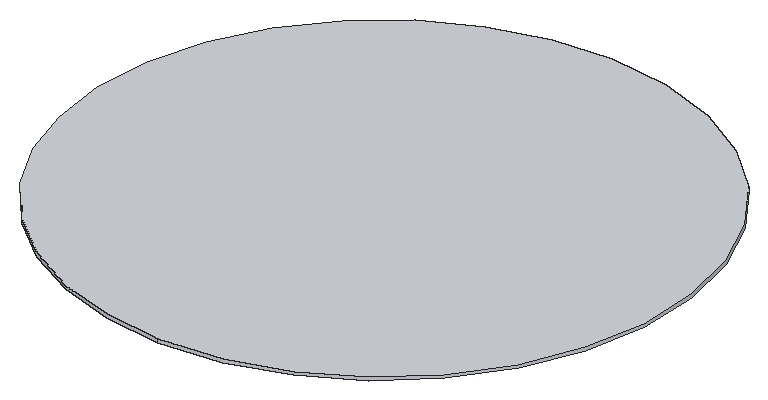
Revit family "Tampa_Cega", category Plumbing Fixtures, host Face, Revit 2025
Family settings
  Host = Face
  Round Connector Dimension = Use Diameter
  Part Type = Normal
  Enable Cutting in Views = No
  Cut with Voids When Loaded = No
  Maintain Annotation Orientation = No
  Shared = Yes
  Room Calculation Point = No
Parameters (values of type "Alumínio Redonda - 250 mm")
  URL = "http://www.tigre.com.br"
  Tigre: Sistema = "Esgoto"  # constant formula
  Tigre: Norma = ""
  Tigre: Material = "Alumínio"
  Tigre: Marcador [instance] = "00"
  Tigre: Link do Produto = "http://www.tigre.com.br/pt/produtos_unico.php?rcr_id=4&cpr_id=10&cpr_id_pai=4&lnh_id=11&prd_id=156"
  Tigre: Linha = "Caixas e Ralos"  # constant formula
  Tigre: Fabricante = "© Tigre S/A"  # constant formula
  Tigre: Descrição = "Tampa Cega Redonda de Alumínio 250 mm, Esgoto - TIGRE"
  Tigre: Código com Separador [instance] = "59.98.628.7"
  Tigre: Código = 59986287
  Tigre: Comentários [instance] = ""
  Raio = 52.22 mm
  Model = ""
  Manufacturer = Tigre: Fabricante  # "© Tigre S/A"
  Description = Tigre: Descrição  # "Tampa Cega Redonda de Alumínio 250 mm, Esgoto - TIGRE"
  Default Elevation = 0.00 mm
  Espessura = 3.50 mm
  Cota B = 8.50 mm
  Cota A = 150.20 mm
  Branco Quadrado - 150mm = no
  Aluminio Redondo - 250 mm = yes
  Acabamento [instance] = none
  Branco Redondo - 250 mm = no
  Branco Redondo - 150 mm = no
  Branco Redondo - 100 mm = no
Types (6, lengths in mm): name | Tigre: Material | Tigre: Link do Produto | Tigre: Descrição | Tigre: Código com Separador | Tigre: Código | Raio | Description | Cota B | Branco Quadrado - 150mm | Aluminio Redondo - 250 mm | Branco Redondo - 250 mm | Branco Redondo - 150 mm | Branco Redondo - 100 mm
  (no name) | "Alumínio" | "http://www.tigre.com.br/pt/produtos_unico.php?rcr_id=4&cpr_id=10&cpr_id_pai=4&lnh_id=11&prd_id=156" | "Tampa Cega Redonda de Alumínio 250 mm, Esgoto - TIGRE" | "59.98.628.7" | 59986287 | 52.22 | "Tampa Cega Redonda de Alumínio 250 mm, Esgoto - TIGRE" | 8.50 | no | yes | no | no | no
  Branca Redonda - 100 mm | "Branco" | "http://www.tigre.com.br/pt/produtos_unico.php?rcr_id=4&cpr_id=10&cpr_id_pai=4&lnh_id=11&prd_id=157" | "Tampa Cega Redonda Branca 100 mm, Esgoto - TIGRE" | "27.67.100.4" | 27671004 | 48.50 | "Tampa Cega Redonda Branca 100 mm, Esgoto - TIGRE" | 3.50 | no | no | no | no | yes
  Branca Redonda - 150 mm | "Branco" | "http://www.tigre.com.br/pt/produtos_unico.php?rcr_id=4&cpr_id=10&cpr_id_pai=4&lnh_id=11&prd_id=157" | "Tampa Cega Redonda Branca 150 mm, Esgoto - TIGRE" | "27.67.115.2" | 27671152 | 75.55 | "Tampa Cega Redonda Branca 150 mm, Esgoto - TIGRE" | 8.50 | no | no | no | yes | no
  Branca Redonda - 250 mm | "Branco" | "http://www.tigre.com.br/pt/produtos_unico.php?rcr_id=4&cpr_id=10&cpr_id_pai=4&lnh_id=11&prd_id=157" | "Tampa Cega Redonda Branca 250 mm, Esgoto - TIGRE" | "27.68.250.2" | 27682502 | 52.22 | "Tampa Cega Redonda Branca 250 mm, Esgoto - TIGRE" | 8.50 | no | no | yes | no | no
  Alumínio Redonda - 250 mm | "Alumínio" | "http://www.tigre.com.br/pt/produtos_unico.php?rcr_id=4&cpr_id=10&cpr_id_pai=4&lnh_id=11&prd_id=156" | "Tampa Cega Redonda de Alumínio 250 mm, Esgoto - TIGRE" | "59.98.628.7" | 59986287 | 52.22 | "Tampa Cega Redonda de Alumínio 250 mm, Esgoto - TIGRE" | 8.50 | no | yes | no | no | no
  Branca Quadrada - 150 mm | "Branco" | "http://www.tigre.com.br/pt/produtos_unico.php?rcr_id=4&cpr_id=10&cpr_id_pai=4&lnh_id=11&prd_id=155" | "Tampa Cega Quadrada Branca 150 mm, Esgoto - TIGRE" | "27.65.115.1" | 27651151 | 52.22 | "Tampa Cega Quadrada Branca 150 mm, Esgoto - TIGRE" | 9.00 | yes | no | no | no | no
Reference planes
  plane 1 "Center (Front/Back)": y = 0
  plane 2: z = 0
  plane 3 "Center (Left/Right)": x = 0
  plane 4: z = -3.5
  plane 5: z = -8.5
Forms (mm)
  Sweep 1, solid, material <- "Acabamento", visible <- "Branco Redondo - 100 mm", detail levels fine
    path origin (0, 0, 0) x (1, 0, 0) y (0, 0, 1)
      loop
        line (0, 0) -> (0, -3.5)
    profile origin (0, 0, -1.75) x (0, -1, 0) y (1, 0, 0)
      loop
        circle (0, 0) r 52.22
  Extrusion 2, void
    sketch origin (-107.8, -4572, -50.5) x (0, -1, 0) y (1, 0, 0)
      loop
        arc (-4519.942, 103.689) -> (-4519.821, 105.743) -> (-4519.78, 107.8) r 52.22
        arc (-4519.78, 107.8) -> (-4519.822, 109.897) -> (-4519.948, 111.991) r 52.22
        line (-4519.948, 111.991) -> (-4522.859, 111.991) -> (-4522.859, 103.689) -> (-4519.942, 103.689)
    from 47 to 50.5
  Revolve 3, void
    sketch origin (0, 0, -0.312) x (1, 0, 0) y (0, 0, 1)
      loop
        arc (-4.814, 0) -> (-4.41, -0.403) -> (-4.007, 0) r 0.403
        line (-4.007, 0) -> (-4.007, 0.848) -> (-4.814, 0.848) -> (-4.814, 0)
      loop
        arc (-8.822, 0) -> (-8.419, -0.403) -> (-8.016, 0) r 0.403
        line (-8.016, 0) -> (-8.016, 0.848) -> (-8.822, 0.848) -> (-8.822, 0)
      loop
        arc (-12.814, 0) -> (-12.411, -0.403) -> (-12.007, 0) r 0.403
        line (-12.007, 0) -> (-12.007, 0.848) -> (-12.814, 0.848) -> (-12.814, 0)
      loop
        arc (-16.817, 0) -> (-16.414, -0.403) -> (-16.01, 0) r 0.403
        line (-16.01, 0) -> (-16.01, 0.848) -> (-16.817, 0.848) -> (-16.817, 0)
      loop
        arc (-20.829, 0) -> (-20.426, -0.403) -> (-20.023, 0) r 0.403
        line (-20.023, 0) -> (-20.023, 0.848) -> (-20.829, 0.848) -> (-20.829, 0)
      loop
        arc (-24.823, 0) -> (-24.42, -0.403) -> (-24.016, 0) r 0.403
        line (-24.016, 0) -> (-24.016, 0.848) -> (-24.823, 0.848) -> (-24.823, 0)
      loop
        arc (-28.826, 0) -> (-28.423, -0.403) -> (-28.02, 0) r 0.403
        line (-28.02, 0) -> (-28.02, 0.848) -> (-28.826, 0.848) -> (-28.826, 0)
      loop
        arc (-32.811, 0) -> (-32.408, -0.403) -> (-32.004, 0) r 0.403
        line (-32.004, 0) -> (-32.004, 0.848) -> (-32.811, 0.848) -> (-32.811, 0)
      loop
        arc (-36.814, 0) -> (-36.411, -0.403) -> (-36.007, 0) r 0.403
        line (-36.007, 0) -> (-36.007, 0.848) -> (-36.814, 0.848) -> (-36.814, 0)
      loop
        arc (-40.811, 0) -> (-40.408, -0.403) -> (-40.005, 0) r 0.403
        line (-40.005, 0) -> (-40.005, 0.848) -> (-40.811, 0.848) -> (-40.811, 0)
      loop
        arc (-44.804, 0) -> (-44.4, -0.403) -> (-43.997, 0) r 0.403
        line (-43.997, 0) -> (-43.997, 0.848) -> (-44.804, 0.848) -> (-44.804, 0)
      axis (0, 0.848) -> (0, -0.152)
    angle from 0 to 360
  Sweep 4, solid, material <- "Acabamento", visible <- "Branco Redondo - 150 mm", detail levels fine
    path origin (0, 0, 0) x (1, 0, 0) y (0, 0, 1)
      loop
        line (0, 0) -> (0, -3.5)
    profile origin (0, 0, -1.75) x (0, -1, 0) y (1, 0, 0)
      loop
        circle (0, 0) r 52.22
  Revolve 5, void
    sketch origin (0, 0, 0) x (1, 0, 0) y (0, 0, 1)
      loop
        arc (-11.921, -0.312) -> (-11.519, -0.714) -> (-11.118, -0.313) r 0.401
        line (-11.118, -0.313) -> (-11.118, 0.468) -> (-11.921, 0.468) -> (-11.921, -0.312)
      loop
        arc (-7.925, -0.312) -> (-7.524, -0.714) -> (-7.122, -0.313) r 0.401
        line (-7.122, -0.313) -> (-7.122, 0.468) -> (-7.925, 0.468) -> (-7.925, -0.312)
      loop
        arc (-3.928, -0.312) -> (-3.527, -0.714) -> (-3.126, -0.313) r 0.401
        line (-3.126, -0.313) -> (-3.126, 0.468) -> (-3.928, 0.468) -> (-3.928, -0.312)
      loop
        arc (-15.921, -0.312) -> (-15.52, -0.714) -> (-15.119, -0.313) r 0.401
        line (-15.119, -0.313) -> (-15.119, 0.468) -> (-15.921, 0.468) -> (-15.921, -0.312)
      loop
        arc (-19.936, -0.312) -> (-19.535, -0.714) -> (-19.134, -0.313) r 0.401
        line (-19.134, -0.313) -> (-19.134, 0.468) -> (-19.936, 0.468) -> (-19.936, -0.312)
      loop
        arc (-23.929, -0.312) -> (-23.528, -0.714) -> (-23.127, -0.313) r 0.401
        line (-23.127, -0.313) -> (-23.127, 0.468) -> (-23.929, 0.468) -> (-23.929, -0.312)
      loop
        arc (-27.922, -0.312) -> (-27.521, -0.714) -> (-27.12, -0.313) r 0.401
        line (-27.12, -0.313) -> (-27.12, 0.468) -> (-27.922, 0.468) -> (-27.922, -0.312)
      loop
        arc (-31.924, -0.313) -> (-31.523, -0.714) -> (-31.122, -0.313) r 0.401
        line (-31.122, -0.313) -> (-31.122, 0.468) -> (-31.924, 0.468) -> (-31.924, -0.313)
      loop
        arc (-35.922, -0.313) -> (-35.52, -0.714) -> (-35.119, -0.313) r 0.401
        line (-35.119, -0.313) -> (-35.119, 0.468) -> (-35.922, 0.468) -> (-35.922, -0.313)
      loop
        arc (-39.919, -0.312) -> (-39.517, -0.714) -> (-39.116, -0.313) r 0.401
        line (-39.116, -0.313) -> (-39.116, 0.468) -> (-39.919, 0.468) -> (-39.919, -0.312)
      loop
        arc (-43.93, -0.312) -> (-43.529, -0.714) -> (-43.127, -0.313) r 0.401
        line (-43.127, -0.313) -> (-43.127, 0.468) -> (-43.93, 0.468) -> (-43.93, -0.312)
      loop
        arc (-47.927, -0.312) -> (-47.526, -0.714) -> (-47.125, -0.313) r 0.401
        line (-47.125, -0.313) -> (-47.125, 0.468) -> (-47.927, 0.468) -> (-47.927, -0.312)
      loop
        arc (-51.926, -0.313) -> (-51.524, -0.714) -> (-51.123, -0.313) r 0.401
        line (-51.123, -0.313) -> (-51.123, 0.468) -> (-51.926, 0.468) -> (-51.926, -0.313)
      loop
        arc (-55.922, -0.313) -> (-55.521, -0.714) -> (-55.12, -0.313) r 0.401
        line (-55.12, -0.313) -> (-55.12, 0.468) -> (-55.922, 0.468) -> (-55.922, -0.313)
      loop
        arc (-59.929, -0.313) -> (-59.527, -0.714) -> (-59.126, -0.313) r 0.401
        line (-59.126, -0.313) -> (-59.126, 0.468) -> (-59.929, 0.468) -> (-59.929, -0.313)
      loop
        arc (-63.93, -0.313) -> (-63.529, -0.714) -> (-63.128, -0.313) r 0.401
        line (-63.128, -0.313) -> (-63.128, 0.468) -> (-63.93, 0.468) -> (-63.93, -0.313)
      loop
        arc (-67.926, -0.313) -> (-67.525, -0.714) -> (-67.124, -0.313) r 0.401
        line (-67.124, -0.313) -> (-67.124, 0.468) -> (-67.926, 0.468) -> (-67.926, -0.313)
      loop
        arc (-71.933, -0.313) -> (-71.532, -0.714) -> (-71.131, -0.313) r 0.401
        line (-71.131, -0.313) -> (-71.131, 0.468) -> (-71.933, 0.468) -> (-71.933, -0.313)
      axis (0, -0.313) -> (0, 0.687)
    angle from 0 to 360
  Extrusion 6, void
    sketch origin (-107.8, -4572, -50.5) x (0, -1, 0) y (1, 0, 0)
      loop
        arc (-4519.887, 104.459) -> (-4519.807, 106.129) -> (-4519.78, 107.8) r 52.22
        arc (-4519.78, 107.8) -> (-4519.806, 109.456) -> (-4519.885, 111.109) r 52.22
        line (-4519.885, 111.109) -> (-4522.852, 111.109) -> (-4522.852, 104.459) -> (-4519.887, 104.459)
    from 47 to 50.5
  Sweep 7, solid, material <- "Acabamento", visible <- "Branco Redondo - 250 mm", detail levels fine
    path origin (0, 0, 0) x (1, 0, 0) y (0, 0, 1)
      loop
        line (0, 0) -> (0, -3.5)
    profile origin (0, 0, -1.75) x (0, -1, 0) y (1, 0, 0)
      loop
        circle (0, 0) r 125
  Extrusion 8, solid, material <- "Acabamento", visible <- "Branco Redondo - 250 mm", detail levels fine
    sketch origin (-107.8, -4572, -50.5) x (0, -1, 0) y (1, 0, 0)
      loop
        line (-4672.124, 55.217) -> (-4669.906, 56.771) -> (-4666.859, 81.584) -> (-4667.731, 106.569) -> (-4670.26, 130.63) -> (-4670.707, 156.212) -> (-4672.911, 158.417) -> (-4675.279, 156.759) -> (-4677.738, 131.502) -> (-4676.496, 107.8) -> (-4674.067, 80.037) -> (-4674.067, 57.533) -> (-4672.124, 55.217)
      loop
        line (-4651.426, 27.02) -> (-4649.892, 24.909) -> (-4647.689, 26.509) -> (-4643.434, 53.378) -> (-4642.497, 80.194) -> (-4645.166, 106.984) -> (-4648.743, 134.366) -> (-4649.85, 161.157) -> (-4648.411, 188.62) -> (-4649.988, 190.713) -> (-4652.36, 189.113) -> (-4656.628, 162.166) -> (-4657.353, 135.397) -> (-4651.023, 81.145) -> (-4650.071, 53.88) -> (-4651.426, 27.02)
      loop
        line (-4628.972, 10.203) -> (-4627.464, 8.274) -> (-4625.428, 9.699) -> (-4620.837, 37.622) -> (-4619.369, 65.63) -> (-4620.605, 93.679) -> (-4624.547, 121.722) -> (-4626.997, 149.736) -> (-4627.488, 177.851) -> (-4626.025, 205.762) -> (-4627.49, 207.854) -> (-4629.567, 206.4) -> (-4634.705, 173.963) -> (-4635.844, 141.34) -> (-4633.963, 122.461) -> (-4630.197, 93.629) -> (-4627.435, 65.906) -> (-4627.435, 39.528) -> (-4628.972, 10.203)
      loop
        line (-4606.735, 0.792) -> (-4605.2, -1.4) -> (-4603.005, 0.137) -> (-4598.149, 30.793) -> (-4596.55, 61.309) -> (-4598.203, 92.846) -> (-4601.898, 122.939) -> (-4604.603, 153.864) -> (-4605.131, 184.094) -> (-4603.483, 215.536) -> (-4604.966, 217.654) -> (-4607.144, 216.129) -> (-4612.367, 180.729) -> (-4613.403, 144.444) -> (-4612.94, 135.613) -> (-4606.956, 78.676) -> (-4604.991, 34.078) -> (-4606.735, 0.792)
      loop
        line (-4584.247, -4.021) -> (-4582.662, -5.91) -> (-4580.644, -4.444) -> (-4575.425, 32.693) -> (-4574.117, 70.136) -> (-4576.751, 107.8) -> (-4580.67, 145.088) -> (-4581.316, 182.134) -> (-4580.824, 220.478) -> (-4582.534, 222.445) -> (-4584.619, 220.815) -> (-4589.628, 183.705) -> (-4590.921, 146.678) -> (-4584.336, 71.415) -> (-4583.361, 33.222) -> (-4584.247, -4.021)
      loop
        line (-4471.876, 160.383) -> (-4474.094, 158.829) -> (-4477.141, 134.016) -> (-4476.269, 109.031) -> (-4473.74, 84.97) -> (-4473.293, 59.388) -> (-4471.089, 57.183) -> (-4468.721, 58.841) -> (-4466.262, 84.098) -> (-4467.504, 107.8) -> (-4469.933, 135.563) -> (-4469.933, 158.067) -> (-4471.876, 160.383)
      loop
        line (-4492.574, 188.58) -> (-4494.108, 190.691) -> (-4496.311, 189.091) -> (-4500.566, 162.222) -> (-4501.503, 135.406) -> (-4498.834, 108.616) -> (-4495.257, 81.234) -> (-4494.15, 54.443) -> (-4495.589, 26.98) -> (-4494.012, 24.887) -> (-4491.64, 26.487) -> (-4487.372, 53.434) -> (-4486.647, 80.203) -> (-4492.977, 134.455) -> (-4493.929, 161.72) -> (-4492.574, 188.58)
      loop
        line (-4515.028, 205.397) -> (-4516.536, 207.326) -> (-4518.572, 205.901) -> (-4523.163, 177.978) -> (-4524.631, 149.97) -> (-4523.395, 121.921) -> (-4519.453, 93.878) -> (-4517.003, 65.864) -> (-4516.512, 37.749) -> (-4517.975, 9.838) -> (-4516.51, 7.746) -> (-4514.433, 9.2) -> (-4509.295, 41.637) -> (-4508.156, 74.26) -> (-4510.037, 93.139) -> (-4513.803, 121.971) -> (-4516.565, 149.694) -> (-4516.565, 176.072) -> (-4515.028, 205.397)
      loop
        line (-4537.265, 214.808) -> (-4538.8, 217) -> (-4540.995, 215.463) -> (-4545.851, 184.807) -> (-4547.45, 154.291) -> (-4545.797, 122.754) -> (-4542.102, 92.661) -> (-4539.397, 61.736) -> (-4538.869, 31.506) -> (-4540.517, 0.064) -> (-4539.034, -2.054) -> (-4536.856, -0.529) -> (-4531.633, 34.871) -> (-4530.597, 71.156) -> (-4531.06, 79.987) -> (-4537.044, 136.924) -> (-4539.009, 181.522) -> (-4537.265, 214.808)
      loop
        line (-4559.753, 219.621) -> (-4561.338, 221.51) -> (-4563.356, 220.044) -> (-4568.575, 182.907) -> (-4569.883, 145.464) -> (-4567.249, 107.8) -> (-4563.33, 70.512) -> (-4562.684, 33.466) -> (-4563.176, -4.878) -> (-4561.466, -6.845) -> (-4559.381, -5.215) -> (-4554.372, 31.895) -> (-4553.079, 68.922) -> (-4559.664, 144.185) -> (-4560.639, 182.378) -> (-4559.753, 219.621)
    from 50.5 to 50.782
  Extrusion 9, void
    sketch origin (-107.8, -4572, -50.5) x (0, -1, 0) y (1, 0, 0)
      loop
        arc (-4447.066, 103.745) -> (-4447.016, 105.772) -> (-4447, 107.8) r 125
        arc (-4447, 107.8) -> (-4447.016, 109.825) -> (-4447.066, 111.85) r 125
        line (-4447.066, 111.85) -> (-4450.064, 111.851) -> (-4450.068, 103.746) -> (-4447.066, 103.745)
    from 47 to 50.5
  Sweep 10, solid, material <- "Acabamento", visible <- "Aluminio Redondo - 250 mm", detail levels fine
    path origin (0, 0, 0) x (1, 0, 0) y (0, 0, 1)
      loop
        line (0, 0) -> (0, -1.495)
    profile origin (0, 0, -0.748) x (0, -1, 0) y (1, 0, 0)
      loop
        arc (-125, 0) -> (0.432, -124.999) -> (124.997, 0.864) r 125
        arc (124.997, 0.864) -> (-0.432, 124.999) -> (-125, 0) r 125
  Extrusion 11, solid, material <- "Acabamento", visible <- "Branco Quadrado - 150mm", detail levels fine
    sketch origin (-107.8, -4572, -50.5) x (0, -1, 0) y (1, 0, 0)
      loop
        line (-4647.1, 32.7) -> (-4496.9, 32.7) -> (-4496.9, 103.8) -> (-4499.895, 103.8) -> (-4499.895, 111.8) -> (-4496.9, 111.8) -> (-4496.9, 182.9) -> (-4647.1, 182.9) -> (-4647.1, 32.7)
    from 47 to 50.5
Cuts and joins
  Extrusion 2, Revolve 3 cuts Sweep 1
  Revolve 5, Extrusion 6 cuts Sweep 4
  Extrusion 9 cuts Sweep 7
Dimensions and locks
  "Espessura": level to plane 4
  "Cota B": level to plane 5
  equal spacing: Extrusion 11 sketch curve, plane 3 "Center (Left/Right)", Extrusion 11 sketch curve
  "Cota A": Extrusion 11 sketch curve to Extrusion 11 sketch curve  (x2)
  equal spacing: Extrusion 11 sketch curve, plane 1 "Center (Front/Back)", Extrusion 11 sketch curve
  Extrusion 11 sketch curve to plane 3 "Center (Left/Right)" to Extrusion 11 sketch curve = 4.00 mm, 4.00 mm
  "Raio": radius of Sweep 1 sketch curve
  "Raio": radius of Sweep 4 sketch curve
  aligned and locked: plane 2 to host face
  aligned and locked: level to host face
  aligned and locked: level to Sweep 1 sketch curve
  aligned and locked: plane 4 to Sweep 1 sketch curve
  aligned and locked: Sweep 1 sketch curve to plane 3 "Center (Left/Right)"
  aligned and locked: Extrusion 2 sketch curve to Sweep 1  (x2)
  aligned and locked: Extrusion 2 to plane 4
  aligned and locked: level to Extrusion 2
  aligned and locked: level to Sweep 4 sketch curve
  aligned and locked: plane 4 to Sweep 4 sketch curve
  aligned and locked: Sweep 4 sketch curve to plane 3 "Center (Left/Right)"
  aligned and locked: Revolve 5 sketch curve to cut or joined group of Sweep 1, Extrusion 2, Revolve 3
  aligned and locked: Extrusion 6 sketch curve to cut or joined group of Sweep 4, Revolve 5, Extrusion 6  (x2)
  aligned and locked: Extrusion 6 to plane 4
  aligned and locked: level to Sweep 7 sketch curve
  aligned and locked: plane 4 to Sweep 7 sketch curve
  aligned and locked: Sweep 7 sketch curve to plane 3 "Center (Left/Right)"
  aligned and locked: Extrusion 9 sketch curve to Sweep 7  (x2)
  aligned and locked: level to Extrusion 9
  aligned and locked: level to Sweep 10 sketch curve
  aligned and locked: Sweep 10 sketch curve to plane 3 "Center (Left/Right)"
  aligned and locked: Sweep 10 sketch curve to cut or joined group of Sweep 7, Extrusion 9  (x2)
  aligned and locked: Extrusion 11 sketch curve to Extrusion 11 sketch curve
  aligned and locked: Extrusion 11 to plane 4
Automatic sketch dimensions
  host sketch curve to host sketch curve = 299.908 mm
  host sketch curve to host sketch curve = 308.028 mm
  Sweep 1 sketch curve to plane 1 "Center (Front/Back)" = 0.00 mm
  Sweep 1 sketch curve to profile plane = 0.00 mm
  Extrusion 2 sketch curve to Extrusion 2 sketch curve = 3.079 mm
  Extrusion 2 sketch curve to Extrusion 2 sketch curve = 2.911 mm
  Extrusion 2 sketch curve to Extrusion 2 sketch curve = 2.917 mm
  Revolve 3 sketch curve to plane 3 "Center (Left/Right)" = 0.00 mm
  level to Revolve 3 sketch curve = 0.535 mm  (x11)
  Revolve 3 sketch curve to plane 3 "Center (Left/Right)" = 4.007 mm
  Revolve 3 sketch curve to level = 0.312 mm  (x12)
  Revolve 3 sketch curve to Revolve 3 sketch curve = 0.403 mm  (x11)
  Revolve 3 sketch curve to Revolve 3 sketch curve = 3.202 mm
  Revolve 3 sketch curve to Revolve 3 sketch curve = 3.185 mm
  Revolve 3 sketch curve to Revolve 3 sketch curve = 3.196 mm  (x3)
  Revolve 3 sketch curve to Revolve 3 sketch curve = 3.206 mm
  Revolve 3 sketch curve to Revolve 3 sketch curve = 3.187 mm
  Revolve 3 sketch curve to Revolve 3 sketch curve = 3.178 mm
  Revolve 3 sketch curve to Revolve 3 sketch curve = 3.191 mm
  Revolve 3 sketch curve to Revolve 3 sketch curve = 3.186 mm
  Revolve 3 sketch curve to plane 4 = 0.312 mm
  Sweep 4 sketch curve to plane 1 "Center (Front/Back)" = 0.00 mm
  Sweep 4 sketch curve to profile plane = 0.00 mm
  Revolve 5 sketch curve to level = 0.312 mm  (x18)
  Revolve 5 sketch curve to level = 0.00 mm
  Revolve 5 sketch curve to plane 4 = 0.00 mm
  Revolve 5 sketch curve to Revolve 5 sketch curve = 3.126 mm
  Revolve 5 sketch curve to Revolve 5 sketch curve = 0.401 mm  (x18)
  level to Revolve 5 sketch curve = 0.468 mm  (x12)
  Revolve 5 sketch curve to Revolve 5 sketch curve = 3.194 mm  (x4)
  Revolve 5 sketch curve to Revolve 5 sketch curve = 3.193 mm
  Revolve 5 sketch curve to Revolve 5 sketch curve = 3.198 mm
  Revolve 5 sketch curve to Revolve 5 sketch curve = 3.213 mm
  Revolve 5 sketch curve to Revolve 5 sketch curve = 3.191 mm
  Revolve 5 sketch curve to Revolve 5 sketch curve = 3.19 mm
  Revolve 5 sketch curve to Revolve 5 sketch curve = 3.199 mm  (x2)
  Revolve 5 sketch curve to Revolve 5 sketch curve = 3.195 mm  (x2)
  Revolve 5 sketch curve to Revolve 5 sketch curve = 3.209 mm
  Revolve 5 sketch curve to Revolve 5 sketch curve = 3.196 mm
  Revolve 5 sketch curve to Revolve 5 sketch curve = 3.204 mm  (x2)
  Revolve 5 sketch curve to Revolve 5 sketch curve = 0.78 mm  (x6)
  Extrusion 6 sketch curve to Extrusion 6 sketch curve = 3.072 mm
  Extrusion 6 sketch curve to Extrusion 6 sketch curve = 2.965 mm
  Extrusion 6 sketch curve to Extrusion 6 sketch curve = 2.967 mm
  plane 1 "Center (Front/Back)" to Sweep 7 sketch curve = 0.00 mm
  Sweep 7 sketch curve to profile plane = 0.00 mm
  Extrusion 8 sketch curve to plane 3 "Center (Left/Right)" = 0.00 mm  (x4)
  plane 3 "Center (Left/Right)" to Extrusion 8 sketch curve = 23.702 mm
  Extrusion 8 sketch curve to plane 1 "Center (Front/Back)" = 105.738 mm
  Extrusion 8 sketch curve to Extrusion 8 sketch curve = 1.242 mm
  plane 3 "Center (Left/Right)" to Extrusion 8 sketch curve = 48.959 mm
  Extrusion 8 sketch curve to Extrusion 8 sketch curve = 2.458 mm
  Extrusion 8 sketch curve to plane 3 "Center (Left/Right)" = 27.763 mm
  Extrusion 8 sketch curve to Extrusion 8 sketch curve = 2.429 mm
  Extrusion 8 sketch curve to Extrusion 8 sketch curve = 2.368 mm  (x2)
  Extrusion 8 sketch curve to Extrusion 8 sketch curve = 1.943 mm  (x2)
  plane 3 "Center (Left/Right)" to Extrusion 8 sketch curve = 48.412 mm
  Extrusion 8 sketch curve to Extrusion 8 sketch curve = 2.204 mm  (x2)
  plane 3 "Center (Left/Right)" to Extrusion 8 sketch curve = 22.83 mm
  Extrusion 8 sketch curve to Extrusion 8 sketch curve = 7.478 mm  (x2)
  Extrusion 8 sketch curve to Extrusion 8 sketch curve = 2.218 mm  (x2)
  Extrusion 8 sketch curve to plane 3 "Center (Left/Right)" = 1.231 mm
  Extrusion 8 sketch curve to Extrusion 8 sketch curve = 8.764 mm  (x2)
  Extrusion 8 sketch curve to plane 3 "Center (Left/Right)" = 26.216 mm
  Extrusion 8 sketch curve to Extrusion 8 sketch curve = 7.208 mm
  plane 3 "Center (Left/Right)" to Extrusion 8 sketch curve = 27.597 mm
  Extrusion 8 sketch curve to Extrusion 8 sketch curve = 12.907 mm  (x2)
  Extrusion 8 sketch curve to Extrusion 8 sketch curve = 14.079 mm  (x2)
  Extrusion 8 sketch curve to Extrusion 8 sketch curve = 4.268 mm
  Extrusion 8 sketch curve to Extrusion 8 sketch curve = 20.698 mm
  Extrusion 8 sketch curve to plane 3 "Center (Left/Right)" = 26.655 mm
  Extrusion 8 sketch curve to Extrusion 8 sketch curve = 15.836 mm  (x2)
  Extrusion 8 sketch curve to Extrusion 8 sketch curve = 19.835 mm  (x2)
  Extrusion 8 sketch curve to Extrusion 8 sketch curve = 2.372 mm  (x2)
  Extrusion 8 sketch curve to Extrusion 8 sketch curve = 1.534 mm  (x2)
  Extrusion 8 sketch curve to Extrusion 8 sketch curve = 6.778 mm  (x2)
  plane 3 "Center (Left/Right)" to Extrusion 8 sketch curve = 26.566 mm
  Extrusion 8 sketch curve to Extrusion 8 sketch curve = 8.61 mm  (x2)
  Extrusion 8 sketch curve to Extrusion 8 sketch curve = 1.577 mm  (x2)
  Extrusion 8 sketch curve to Extrusion 8 sketch curve = 2.203 mm  (x2)
  Extrusion 8 sketch curve to plane 3 "Center (Left/Right)" = 0.816 mm
  Extrusion 8 sketch curve to Extrusion 8 sketch curve = 22.565 mm  (x2)
  Extrusion 8 sketch curve to Extrusion 8 sketch curve = 6.637 mm  (x2)
  Extrusion 8 sketch curve to plane 3 "Center (Left/Right)" = 27.606 mm
  Extrusion 8 sketch curve to Extrusion 8 sketch curve = 8.525 mm  (x2)
  Extrusion 8 sketch curve to Extrusion 8 sketch curve = 12.899 mm  (x2)
  Extrusion 8 sketch curve to Extrusion 8 sketch curve = 15.145 mm  (x2)
  plane 3 "Center (Left/Right)" to Extrusion 8 sketch curve = 14.661 mm
  Extrusion 8 sketch curve to Extrusion 8 sketch curve = 1.88 mm
  Extrusion 8 sketch curve to plane 3 "Center (Left/Right)" = 14.171 mm
  Extrusion 8 sketch curve to Extrusion 8 sketch curve = 12.301 mm  (x2)
  Extrusion 8 sketch curve to Extrusion 8 sketch curve = 20.421 mm
  Extrusion 8 sketch curve to Extrusion 8 sketch curve = 18.717 mm
  Extrusion 8 sketch curve to Extrusion 8 sketch curve = 2.077 mm  (x2)
  Extrusion 8 sketch curve to Extrusion 8 sketch curve = 7.216 mm  (x2)
  Extrusion 8 sketch curve to Extrusion 8 sketch curve = 1.508 mm  (x2)
  Extrusion 8 sketch curve to Extrusion 8 sketch curve = 15.999 mm  (x2)
  Extrusion 8 sketch curve to Extrusion 8 sketch curve = 8.846 mm  (x2)
  Extrusion 8 sketch curve to Extrusion 8 sketch curve = 1.465 mm  (x2)
  Extrusion 8 sketch curve to Extrusion 8 sketch curve = 2.036 mm  (x2)
  plane 3 "Center (Left/Right)" to Extrusion 8 sketch curve = 13.922 mm
  Extrusion 8 sketch curve to Extrusion 8 sketch curve = 9.417 mm  (x2)
  Extrusion 8 sketch curve to Extrusion 8 sketch curve = 6.598 mm  (x2)
  Extrusion 8 sketch curve to plane 3 "Center (Left/Right)" = 14.121 mm
  Extrusion 8 sketch curve to Extrusion 8 sketch curve = 9.591 mm  (x2)
  Extrusion 8 sketch curve to Extrusion 8 sketch curve = 8.066 mm
  Extrusion 8 sketch curve to Extrusion 8 sketch curve = 13.594 mm  (x2)
  Extrusion 8 sketch curve to Extrusion 8 sketch curve = 0.463 mm  (x2)
  Extrusion 8 sketch curve to Extrusion 8 sketch curve = 15.121 mm  (x2)
  Extrusion 8 sketch curve to Extrusion 8 sketch curve = 18.882 mm  (x2)
  Extrusion 8 sketch curve to Extrusion 8 sketch curve = 12.413 mm  (x2)
  Extrusion 8 sketch curve to Extrusion 8 sketch curve = 18.693 mm  (x2)
  Extrusion 8 sketch curve to Extrusion 8 sketch curve = 1.535 mm  (x2)
  Extrusion 8 sketch curve to Extrusion 8 sketch curve = 7.236 mm  (x2)
  Extrusion 8 sketch curve to Extrusion 8 sketch curve = 15.846 mm  (x2)
  Extrusion 8 sketch curve to Extrusion 8 sketch curve = 2.178 mm  (x2)
  Extrusion 8 sketch curve to Extrusion 8 sketch curve = 8.80 mm
  Extrusion 8 sketch curve to Extrusion 8 sketch curve = 1.483 mm  (x2)
  Extrusion 8 sketch curve to Extrusion 8 sketch curve = 2.196 mm  (x2)
  Extrusion 8 sketch curve to Extrusion 8 sketch curve = 11.043 mm  (x2)
  Extrusion 8 sketch curve to Extrusion 8 sketch curve = 8.753 mm  (x2)
  Extrusion 8 sketch curve to Extrusion 8 sketch curve = 6.842 mm  (x2)
  Extrusion 8 sketch curve to Extrusion 8 sketch curve = 10.406 mm
  Extrusion 8 sketch curve to Extrusion 8 sketch curve = 13.682 mm  (x2)
  Extrusion 8 sketch curve to Extrusion 8 sketch curve = 15.503 mm  (x2)
  Extrusion 8 sketch curve to plane 1 "Center (Front/Back)" = 12.619 mm
  Extrusion 8 sketch curve to plane 1 "Center (Front/Back)" = 12.336 mm
  Extrusion 8 sketch curve to plane 1 "Center (Front/Back)" = 12.247 mm
  Extrusion 8 sketch curve to plane 1 "Center (Front/Back)" = 11.361 mm
  Extrusion 8 sketch curve to Extrusion 8 sketch curve = 1.585 mm  (x2)
  Extrusion 8 sketch curve to Extrusion 8 sketch curve = 2.086 mm  (x2)
  Extrusion 8 sketch curve to Extrusion 8 sketch curve = 8.311 mm  (x2)
  Extrusion 8 sketch curve to Extrusion 8 sketch curve = 1.71 mm  (x2)
  Extrusion 8 sketch curve to plane 1 "Center (Front/Back)" = 8.67 mm
  Extrusion 8 sketch curve to Extrusion 8 sketch curve = 2.018 mm  (x2)
  Extrusion 8 sketch curve to plane 1 "Center (Front/Back)" = 4.751 mm
  Extrusion 8 sketch curve to plane 1 "Center (Front/Back)" = 3.425 mm
  Extrusion 8 sketch curve to plane 1 "Center (Front/Back)" = 2.117 mm
  plane 1 "Center (Front/Back)" to Extrusion 8 sketch curve = 2.117 mm
  plane 1 "Center (Front/Back)" to Extrusion 8 sketch curve = 3.425 mm
  plane 1 "Center (Front/Back)" to Extrusion 8 sketch curve = 4.751 mm
  plane 1 "Center (Front/Back)" to Extrusion 8 sketch curve = 8.644 mm
  plane 1 "Center (Front/Back)" to Extrusion 8 sketch curve = 8.67 mm
  plane 1 "Center (Front/Back)" to Extrusion 8 sketch curve = 8.824 mm
  plane 1 "Center (Front/Back)" to Extrusion 8 sketch curve = 9.316 mm
  Extrusion 8 sketch curve to Extrusion 8 sketch curve = 7.936 mm
  Extrusion 8 sketch curve to Extrusion 8 sketch curve = 10.219 mm
  Extrusion 8 sketch curve to Extrusion 8 sketch curve = 10.251 mm
  Extrusion 8 sketch curve to Extrusion 8 sketch curve = 12.214 mm
  Extrusion 8 sketch curve to Extrusion 8 sketch curve = 14.789 mm
  Extrusion 8 sketch curve to Extrusion 8 sketch curve = 13.867 mm
  Extrusion 8 sketch curve to Extrusion 8 sketch curve = 10.977 mm
  Extrusion 8 sketch curve to Extrusion 8 sketch curve = 18.758 mm
  Extrusion 8 sketch curve to Extrusion 8 sketch curve = 18.864 mm
  plane 3 "Center (Left/Right)" to Extrusion 8 sketch curve = 14.121 mm
  Extrusion 8 sketch curve to Extrusion 8 sketch curve = 13.649 mm
  Extrusion 8 sketch curve to plane 3 "Center (Left/Right)" = 13.922 mm
  Extrusion 8 sketch curve to Extrusion 8 sketch curve = 11.606 mm
  plane 3 "Center (Left/Right)" to Extrusion 8 sketch curve = 14.171 mm
  Extrusion 8 sketch curve to plane 3 "Center (Left/Right)" = 14.661 mm
  plane 3 "Center (Left/Right)" to Extrusion 8 sketch curve = 27.606 mm
  plane 3 "Center (Left/Right)" to Extrusion 8 sketch curve = 0.816 mm
  Extrusion 8 sketch curve to Extrusion 8 sketch curve = 11.203 mm
  Extrusion 8 sketch curve to Extrusion 8 sketch curve = 20.254 mm
  Extrusion 8 sketch curve to Extrusion 8 sketch curve = 13.706 mm
  Extrusion 8 sketch curve to plane 3 "Center (Left/Right)" = 26.566 mm
  plane 3 "Center (Left/Right)" to Extrusion 8 sketch curve = 26.655 mm
  Extrusion 8 sketch curve to plane 3 "Center (Left/Right)" = 27.597 mm
  plane 3 "Center (Left/Right)" to Extrusion 8 sketch curve = 26.216 mm
  plane 3 "Center (Left/Right)" to Extrusion 8 sketch curve = 1.231 mm
  Extrusion 8 sketch curve to plane 3 "Center (Left/Right)" = 22.83 mm
  Extrusion 8 sketch curve to plane 3 "Center (Left/Right)" = 48.412 mm
  plane 3 "Center (Left/Right)" to Extrusion 8 sketch curve = 50.267 mm
  Extrusion 8 sketch curve to plane 3 "Center (Left/Right)" = 48.959 mm
  Extrusion 8 sketch curve to plane 3 "Center (Left/Right)" = 23.702 mm
  Extrusion 8 sketch curve to Extrusion 8 sketch curve = 22.505 mm
  Extrusion 8 sketch curve to Extrusion 8 sketch curve = 1.658 mm  (x2)
  Extrusion 8 sketch curve to Extrusion 8 sketch curve = 0.762 mm  (x2)
  Extrusion 8 sketch curve to Extrusion 8 sketch curve = 1.553 mm  (x2)
  Extrusion 8 sketch curve to Extrusion 8 sketch curve = 4.944 mm  (x2)
  Extrusion 8 sketch curve to Extrusion 8 sketch curve = 2.891 mm  (x2)
  Extrusion 8 sketch curve to Extrusion 8 sketch curve = 1.009 mm  (x2)
  Extrusion 8 sketch curve to Extrusion 8 sketch curve = 0.502 mm  (x2)
  Extrusion 8 sketch curve to Extrusion 8 sketch curve = 12.806 mm  (x2)
  Extrusion 8 sketch curve to Extrusion 8 sketch curve = 13.85 mm  (x2)
  Extrusion 8 sketch curve to Extrusion 8 sketch curve = 3.888 mm  (x2)
  Extrusion 8 sketch curve to Extrusion 8 sketch curve = 1.906 mm  (x2)
  Extrusion 8 sketch curve to Extrusion 8 sketch curve = 2.878 mm  (x2)
  Extrusion 8 sketch curve to Extrusion 8 sketch curve = 3.544 mm  (x2)
  Extrusion 8 sketch curve to Extrusion 8 sketch curve = 1.406 mm  (x2)
  Extrusion 8 sketch curve to Extrusion 8 sketch curve = 0.244 mm  (x2)
  Extrusion 8 sketch curve to Extrusion 8 sketch curve = 0.53 mm  (x2)
  Extrusion 8 sketch curve to Extrusion 8 sketch curve = 1.571 mm  (x2)
  Extrusion 8 sketch curve to Extrusion 8 sketch curve = 3.365 mm  (x2)
  Extrusion 8 sketch curve to Extrusion 8 sketch curve = 3.285 mm  (x2)
  Extrusion 8 sketch curve to Extrusion 8 sketch curve = 26.86 mm  (x2)
  Extrusion 8 sketch curve to Extrusion 8 sketch curve = 14.657 mm  (x2)
  Extrusion 8 sketch curve to Extrusion 8 sketch curve = 0.511 mm  (x2)
  Extrusion 8 sketch curve to Extrusion 8 sketch curve = 0.493 mm  (x2)
  Extrusion 8 sketch curve to Extrusion 8 sketch curve = 2.093 mm  (x2)
  Extrusion 8 sketch curve to Extrusion 8 sketch curve = 16.306 mm  (x2)
  Extrusion 8 sketch curve to Extrusion 8 sketch curve = 27.911 mm  (x2)
  Extrusion 8 sketch curve to Extrusion 8 sketch curve = 0.504 mm  (x2)
  Extrusion 8 sketch curve to Extrusion 8 sketch curve = 0.638 mm  (x2)
  Extrusion 8 sketch curve to Extrusion 8 sketch curve = 1.93 mm  (x2)
  Extrusion 8 sketch curve to Extrusion 8 sketch curve = 8.908 mm  (x2)
  Extrusion 8 sketch curve to Extrusion 8 sketch curve = 0.655 mm  (x2)
  Extrusion 8 sketch curve to Extrusion 8 sketch curve = 9.774 mm  (x2)
  Extrusion 8 sketch curve to Extrusion 8 sketch curve = 0.593 mm  (x2)
  Extrusion 8 sketch curve to Extrusion 8 sketch curve = 4.157 mm  (x2)
  Extrusion 8 sketch curve to Extrusion 8 sketch curve = 0.423 mm  (x2)
  Extrusion 8 sketch curve to Extrusion 8 sketch curve = 0.434 mm  (x2)
  Extrusion 8 sketch curve to Extrusion 8 sketch curve = 0.338 mm  (x2)
  Extrusion 8 sketch curve to Extrusion 8 sketch curve = 1.889 mm  (x2)
  Extrusion 8 sketch curve to Extrusion 8 sketch curve = 1.967 mm  (x2)
  Extrusion 8 sketch curve to Extrusion 8 sketch curve = 27.231 mm
  Extrusion 8 sketch curve to Extrusion 8 sketch curve = 26.865 mm
  Extrusion 8 sketch curve to Extrusion 8 sketch curve = 4.321 mm
  Extrusion 8 sketch curve to Extrusion 8 sketch curve = 4.129 mm
  Extrusion 8 sketch curve to Extrusion 8 sketch curve = 0.276 mm  (x2)
  Extrusion 8 sketch curve to Extrusion 8 sketch curve = 7.186 mm
  Extrusion 8 sketch curve to Extrusion 8 sketch curve = 1.214 mm
  Extrusion 8 sketch curve to Extrusion 8 sketch curve = 1.59 mm  (x2)
  Extrusion 8 sketch curve to Extrusion 8 sketch curve = 9.42 mm  (x2)
  Extrusion 8 sketch curve to Extrusion 8 sketch curve = 1.279 mm  (x2)
  Extrusion 8 sketch curve to Extrusion 8 sketch curve = 8.396 mm  (x2)
  Extrusion 8 sketch curve to Extrusion 8 sketch curve = 13.046 mm
  Extrusion 8 sketch curve to Extrusion 8 sketch curve = 8.832 mm  (x2)
  Extrusion 8 sketch curve to plane 3 "Center (Left/Right)" = 15.139 mm
  Extrusion 8 sketch curve to plane 3 "Center (Left/Right)" = 14.954 mm
  plane 3 "Center (Left/Right)" to Extrusion 8 sketch curve = 14.954 mm
  plane 3 "Center (Left/Right)" to Extrusion 8 sketch curve = 15.139 mm
  Extrusion 8 sketch curve to Extrusion 8 sketch curve = 1.547 mm
  Extrusion 8 sketch curve to Extrusion 8 sketch curve = 12.674 mm
  Extrusion 8 sketch curve to Extrusion 8 sketch curve = 14.17 mm
  Extrusion 8 sketch curve to Extrusion 8 sketch curve = 6.973 mm
  Extrusion 8 sketch curve to Extrusion 8 sketch curve = 7.261 mm
  Extrusion 8 sketch curve to Extrusion 8 sketch curve = 0.903 mm
  Extrusion 8 sketch curve to Extrusion 8 sketch curve = 14.288 mm
  Extrusion 8 sketch curve to Extrusion 8 sketch curve = 10.106 mm
  Extrusion 9 sketch curve to Extrusion 9 sketch curve = 3.068 mm
  plane 3 "Center (Left/Right)" to Extrusion 9 sketch curve = 4.051 mm
  Extrusion 9 sketch curve to Extrusion 9 sketch curve = 3.064 mm
  plane 3 "Center (Left/Right)" to Extrusion 9 sketch curve = 4.05 mm
  Sweep 10 sketch curve to level = 1.495 mm
  Sweep 10 sketch curve to profile plane = 0.864 mm
  Extrusion 11 sketch curve to Extrusion 11 sketch curve = 2.995 mm
  radius of Sweep 7 sketch curve = 125.00 mm
